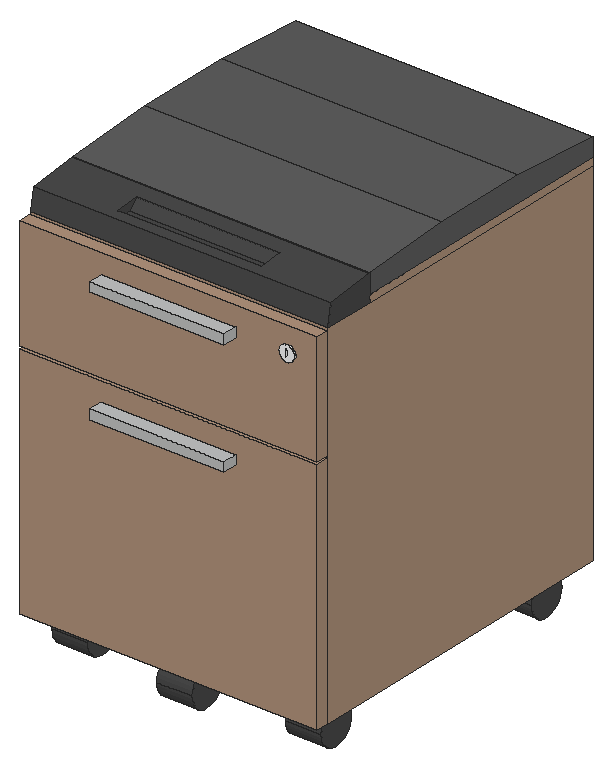
Revit family "Storage-Freestanding-Teknion-RBTPS_Mobile_Pedestal_with_Seat-R2019", category Furniture, Revit 2019
Family settings
  OmniClass Number = 23.40.20.00
  OmniClass Title = General Furniture and Specialties
  Work Plane-Based = No
  Always vertical = Yes
  Cut with Voids When Loaded = No
  Shared = Yes
  Room Calculation Point = No
Parameters (values of type "18" Depth, Box, File")
  Warranty = "http://www.teknion.com/ca/papers/legal-canada"
  Unit Weight URL = "http://www.teknion.com/ca/tools/assets#&asset=bee6a381-b954-425e-8283-5a2de3a804f2,f828d448-4b62-4231-9e5f-9a8991c0ed77"
  URL = "www.teknion.com"
  To render please download texture images found here [instance] = "https://assets.teknion.com/web/5e81352c1dfdb467/revit-material-swatches/"
  Sustainability Data = "http://www.teknion.com/ca/tools/assets#&topic=216f99a5-57a0-44fc-b10a-9dee9b29ae4c&asset=444deb64-fe58-4b68-981e-f75e97781df7"
  Series = "Expansion Desking"  # constant formula
  Seat Upholstery Finish [instance] = Fabric - Teknion - E523 - Fundamentals - Black
  Pull Finish [instance] = Paint - Teknion - Mica - Platinum
  Product Page URL = "https://www.teknion.com/ca/products/product-details?productLineId=2b4e336e-8e7a-673b-a6c8-ff00004460c4"
  Product Line = "Expansion Desking"  # constant formula
  Product Documentation Link = "https://www.teknion.com/pricing/expansion-desking/pdfs/RBTPS_ppg.pdf"
  Part Number = "RBTPS"  # constant formula
  Model = "RBTPS180612"
  Manufacturer Phone = "416-661-3370"  # constant formula
  Manufacturer Fax = "416.661.4586"  # constant formula
  Manufacturer Contact Information = "http://www.teknion.com/ca/contactus"
  Manufacturer Address = "1150 Flint Road, Toronto, ON. M3J 2J5. Canada"  # constant formula
  Manufacturer = "Teknion"  # constant formula
  How To Use Teknion Materials User Guide [instance] = "https://assets.teknion.com/m/205dd0a49fa58060/original/How-to-add-a-Material-Library-and-Texture-Images-to-your-Revit-project.pdf"
  For Additional Finishes please visit [instance] = "https://assets.teknion.com/m/44a8009b046e5d47/original/Teknion_Materials_Library.zip"
  Drawer Front Finish [instance] = Source Laminate - Teknion - 3M - Provincial Oak
  Description = "Mobile Pedestal with Seat, 18\" Depth, Box, File Drawer Configuration"
  Case Finish [instance] = Source Laminate - Teknion - 3M - Provincial Oak
  Assembly Code = "E2020200"
Reference planes (in)
  plane 1 "Center Front/Back": y = -1.55592
  plane 2: z = 0
  plane 3 "Center Left/Right": x = 0
  plane 4 "Left": x = -7.75
  plane 5 "Right": x = 7.75
  plane 6 "Back": y = 7.09369
  plane 7 "Front": y = -10.20552
  plane 8 "Top": z = 20.35039
  plane 9: z = 1.9685
  plane 10: y = -10.90631
  plane 11: x = 3.5
  plane 12: x = -3.5
  plane 13: z = 1.27201
  plane 14: x = -5.17126
  plane 15: x = -7.02165
  plane 16: x = 7.02165
  plane 17: x = 5.17126
  plane 18: x = -0.9252
  plane 19: x = 0.9252
  plane 20: x = -7.04921
  plane 21: x = 7.04921
  plane 22: y = 6.3929
  plane 23: z = 2.98425
  plane 24: x = -3.75
  plane 25: x = 3.75
  plane 26: z = 19.34055
  plane 27: z = 18.84055
  plane 28: z = 13.37598
  plane 29: z = 12.87598
  plane 30: z = 20.4685
Forms (in)
  Extrusion 1, solid, material "Source Laminate - Teknion - 3M - Provincial Oak" <- "Case Finish"
    sketch origin (0.04921, 2.79921, 0) x (1, 0, 0) y (0, 1, 0)
      loop
        line (-7.79921, 4.29448) -> (-7.79921, -13.00474) -> (7.70079, -13.00474) -> (7.70079, 4.29448) -> (-7.79921, 4.29448)
    from 1.9685 to 20.4685
  Extrusion 2, solid, material "Fabric - Teknion - E523 - Fundamentals - Black" <- "Seat Upholstery Finish"
    sketch origin (0, 0, 0) x (0, 1, 0) y (0, 0, 1)
      loop
        line (7.09369, 20.8435) -> (7.09369, 21.82895) -> (2.23271, 22.16886) -> (-2.77197, 22.16886) -> (-7.48111, 21.83957) -> (-7.48111, 20.8435) -> (7.09369, 20.8435)
    from -7.75 to 7.75
  Extrusion 3, solid, material "Source Laminate - Teknion - 3M - Provincial Oak" <- "Case Finish"
    sketch origin (0, 0, 0) x (0, 1, 0) y (0, 0, 1)
      loop
        line (7.09369, 20.4685) -> (7.09369, 20.8435) -> (-7.48111, 20.8435) -> (-7.48111, 20.4685) -> (7.09369, 20.4685)
    from -7.75 to 7.75
  Extrusion 4, solid, material "Plastic - Teknion - E - Ebony"
    sketch origin (0, 0, 0) x (0, 1, 0) y (0, 0, 1)
      loop
        line (-7.48111, 21.83957) -> (-10.0137, 21.55641) -> (-10.20552, 20.4685) -> (-7.48111, 20.4685) -> (-7.48111, 21.83957)
    from -7.75 to 7.75
  Extrusion 5, solid, material "Source Laminate - Teknion - 3M - Provincial Oak" <- "Drawer Front Finish"
    sketch origin (-7.75, -10.90631, 48) x (-1, 0, 0) y (0, 0, 1)
      loop
        line (0, -27.64961) -> (-15.5, -27.64961) -> (-15.5, -33.49606) -> (0, -33.49606) -> (0, -27.64961)
    from 0 to 0.70079
  Extrusion 6, solid, material "Source Laminate - Teknion - 3M - Provincial Oak" <- "Drawer Front Finish"
    sketch origin (-7.75, -10.90631, 48) x (-1, 0, 0) y (0, 0, 1)
      loop
        line (0, -33.61417) -> (-15.5, -33.61417) -> (-15.5, -46.0315) -> (0, -46.0315) -> (0, -33.61417)
    from 0 to 0.70079
  Extrusion 7, solid, material "Paint - Teknion - Mica - Platinum" <- "Pull Finish"
    sketch origin (0, 0, -1.00984) x (0, 1, 0) y (0, 0, 1)
      loop
        line (-11.65828, 20.35039) -> (-11.65828, 19.85039) -> (-10.90631, 19.85039) -> (-10.90631, 20.35039) -> (-11.65828, 20.35039)
    from -3.5 to 3.5
  Extrusion 8, solid, material "Paint - Teknion - Mica - Platinum" <- "Pull Finish"
    sketch origin (0, 0, -6.97441) x (0, 1, 0) y (0, 0, 1)
      loop
        line (-11.65828, 20.35039) -> (-11.65828, 19.85039) -> (-10.90631, 19.85039) -> (-10.90631, 20.35039) -> (-11.65828, 20.35039)
    from -3.5 to 3.5
  Extrusion 9, solid, material "Plastic - Teknion - E - Ebony"
    sketch origin (7.75, -180, 1.9685) x (0, -1, 0) y (-1, 0, 0)
      loop
        circle (-185.77867, 13.84638) r 0.39367
    from 0 to 0.6965
  Extrusion 10, solid, material "Plastic - Teknion - E - Ebony"
    sketch origin (-7.75, -180, 1.9685) x (0, 1, 0) y (1, 0, 0)
      loop
        circle (185.77867, 13.84638) r 0.39367
    from 0 to 0.6965
  Extrusion 11, solid, material "Plastic - Teknion - E - Ebony"
    sketch origin (7.75, 177.82537, 1.9685) x (0, -1, 0) y (-1, 0, 0)
      loop
        circle (185.77867, 13.84638) r 0.39367
    from 0 to 0.6965
  Extrusion 12, solid, material "Plastic - Teknion - E - Ebony"
    sketch origin (-7.75, 177.82537, 1.9685) x (0, 1, 0) y (1, 0, 0)
      loop
        circle (-185.77867, 13.84638) r 0.39367
    from 0 to 0.6965
  Extrusion 13, solid, material "Plastic - Teknion - E - Ebony"
    sketch origin (-7.02165, -7.55986, 48) x (0, 1, 0) y (0, 0, 1)
      loop
        circle (12.55149, -47.01673) r 0.98344
    from 0 to 1.85039
  Extrusion 14, solid, material "Plastic - Teknion - E - Ebony"
    sketch origin (-7.02165, 3.80281, 48) x (0, -1, 0) y (0, 0, -1)
      loop
        circle (12.53975, 47.01656) r 0.98344
    from 0 to 1.85039
  Extrusion 15, solid, material "Plastic - Teknion - E - Ebony"
    sketch origin (7.02165, -7.55986, 48) x (0, 1, 0) y (0, 0, -1)
      loop
        circle (12.55149, 47.01673) r 0.98344
    from 0 to 1.85039
  Extrusion 16, solid, material "Plastic - Teknion - E - Ebony"
    sketch origin (7.02165, 3.80281, 48) x (0, -1, 0) y (0, 0, 1)
      loop
        circle (12.53975, -47.01673) r 0.98344
    from 0 to 1.85039
  Extrusion 17, solid, material "Plastic - Teknion - E - Ebony"
    sketch origin (13.84638, 177.03767, 1.9685) x (0, -1, 0) y (-1, 0, 0)
      loop
        circle (185.77867, 13.84638) r 0.39367
    from 0 to 0.6965
  Extrusion 18, solid, material "Plastic - Teknion - E - Ebony"
    sketch origin (-7.02165, 3.02361, 48) x (0, -1, 0) y (0, 0, -1)
      loop
        circle (12.55165, 47.01673) r 0.98344
    from 6.09646 to 7.94685
  Extrusion 19, void
    sketch origin (-7.75, -10.90631, 48) x (1, 0, 0) y (0, 0, 1)
      loop
        line (0.70079, -45.01575) -> (14.79921, -45.01575) -> (14.79921, -33.49606) -> (0.70079, -33.49606) -> (0.70079, -45.01575)
    from -17.29921 to -0.70079
  Extrusion 20, solid, material "Mica - Teknion - V - Satin - Very White"
    sketch origin (-7.75, -10.90631, 48) x (-1, 0, 0) y (0, 0, 1)
      loop
        line (-14.03346, -28.72244) -> (-14.03346, -29.09646) -> (-13.93504, -29.09646) -> (-13.93504, -28.72244) -> (-14.03346, -28.72244)
      loop
        circle (-13.98425, -28.90945) r 0.4
    from 0 to -0.05906
  Extrusion 21, void
    sketch origin (-7.02165, -7.55986, 48) x (0, -1, 0) y (0, 0, 1)
      loop
        line (0.74433, -26.25246) -> (1.15513, -26.74202) -> (1.92284, -26.74202) -> (1.95384, -26.38769) -> (0.74433, -26.25246)
    from -10.77165 to -3.27165
Cuts and joins
  Extrusion 19 cuts Extrusion 1
  Extrusion 21 cuts Extrusion 4
Lines and regions (in)
  Masking region 1
    outline origin (7.75, -180, 1.9685) x (0, -1, 0) y (1, 0, 0)
      loop
        line (-187.09369, -15.5) -> (-169.09369, -15.5) -> (-169.09369, 0) -> (-187.09369, 0) -> (-187.09369, -15.5)
  Masking region 2
    outline origin (7.75, -180, 1.9685) x (0, -1, 0) y (1, 0, 0)
      loop
        line (-168.34172, -11.25) -> (-168.34172, -4.25) -> (-169.09369, -4.25) -> (-169.09369, -11.25) -> (-168.34172, -11.25)
  Masking region 3
    outline origin (7.75, -180, 1.9685) x (0, -1, 0) y (1, 0, 0)
      loop
        line (-169.09369, -1.91575) -> (-169.03463, -1.91575) -> (-169.03463, -1.11575) -> (-169.09369, -1.11575) -> (-169.09369, -1.91575)
  symbolic lines
    curve 1: line (7.75, -10.20552, 1.9685) -> (-7.75, -10.20552, 1.9685)
    curve 35: line (-7.75, -7.48111, 1.9685) -> (7.75, -7.48111, 1.9685)
  symbolic lines, style "FurnitureHiddenLines", detail levels medium+fine
    curve 2: line (-7.04921, -10.20552, 1.9685) -> (-7.04921, 6.3929, 1.9685)
    curve 3: line (-7.04921, 6.3929, 1.9685) -> (7.04921, 6.3929, 1.9685)
    curve 4: line (7.04921, 6.3929, 1.9685) -> (7.04921, -10.20552, 1.9685)
  symbolic lines, style "FurnitureHiddenLines", detail levels fine
    curve 5: line (-5.17126, -9.93987, 1.9685) -> (-5.17126, -7.55987, 1.9685)
    curve 6: line (-5.17126, -7.55987, 1.9685) -> (-7.02165, -7.55987, 1.9685)
    curve 7: line (-7.02165, -7.55987, 1.9685) -> (-7.02165, -9.93987, 1.9685)
    curve 8: line (-7.02165, -9.93987, 1.9685) -> (-5.17126, -9.93987, 1.9685)
    curve 9: line (5.17126, -7.55987, 1.9685) -> (5.17126, -9.93987, 1.9685)
    curve 10: line (5.17126, -9.93987, 1.9685) -> (7.02165, -9.93987, 1.9685)
    curve 11: line (7.02165, -9.93987, 1.9685) -> (7.02165, -7.55987, 1.9685)
    curve 12: line (7.02165, -7.55987, 1.9685) -> (5.17126, -7.55987, 1.9685)
    curve 13: line (0.9252, -10.51148, 1.9685) -> (0.9252, -8.5446, 1.9685)
    curve 14: line (0.9252, -8.5446, 1.9685) -> (-0.9252, -8.5446, 1.9685)
    curve 15: line (-0.9252, -8.5446, 1.9685) -> (-0.9252, -10.51148, 1.9685)
    curve 16: line (-0.9252, -10.51148, 1.9685) -> (0.9252, -10.51148, 1.9685)
    curve 17: line (-5.17126, 3.80283, 1.9685) -> (-5.17126, 6.18283, 1.9685)
    curve 18: line (-5.17126, 6.18283, 1.9685) -> (-7.02165, 6.18283, 1.9685)
    curve 19: line (-7.02165, 6.18283, 1.9685) -> (-7.02165, 3.80283, 1.9685)
    curve 20: line (-7.02165, 3.80283, 1.9685) -> (-5.17126, 3.80283, 1.9685)
    curve 21: line (5.17126, 6.18283, 1.9685) -> (5.17126, 3.80283, 1.9685)
    curve 22: line (5.17126, 3.80283, 1.9685) -> (7.02165, 3.80283, 1.9685)
    curve 23: line (7.02165, 3.80283, 1.9685) -> (7.02165, 6.18283, 1.9685)
    curve 24: line (7.02165, 6.18283, 1.9685) -> (5.17126, 6.18283, 1.9685)
    curve 25: arc (-6.09638, -8.34697, 1.9685) -> (-5.70271, -7.9533, 1.9685) -> (-6.09638, -7.55963, 1.9685) r 0.39367
    curve 26: arc (-6.09638, -7.55963, 1.9685) -> (-6.49004, -7.9533, 1.9685) -> (-6.09638, -8.34697, 1.9685) r 0.39367
    curve 27: arc (0, -8.34732, 1.9685) -> (-0.39367, -8.74099, 1.9685) -> (0, -9.13466, 1.9685) r 0.39367
    curve 28: arc (0, -9.13466, 1.9685) -> (0.39367, -8.74099, 1.9685) -> (0, -8.34732, 1.9685) r 0.39367
    curve 29: arc (6.09638, -7.55963, 1.9685) -> (5.70271, -7.9533, 1.9685) -> (6.09638, -8.34697, 1.9685) r 0.39367
    curve 30: arc (6.09638, -8.34697, 1.9685) -> (6.49004, -7.9533, 1.9685) -> (6.09638, -7.55963, 1.9685) r 0.39367
    curve 31: arc (6.09638, 6.17234, 1.9685) -> (5.70271, 5.77867, 1.9685) -> (6.09638, 5.385, 1.9685) r 0.39367
    curve 32: arc (6.09638, 5.385, 1.9685) -> (6.49004, 5.77867, 1.9685) -> (6.09638, 6.17234, 1.9685) r 0.39367
    curve 33: arc (-6.09638, 6.17234, 1.9685) -> (-6.49004, 5.77867, 1.9685) -> (-6.09638, 5.385, 1.9685) r 0.39367
    curve 34: arc (-6.09638, 5.385, 1.9685) -> (-5.70271, 5.77867, 1.9685) -> (-6.09638, 6.17234, 1.9685) r 0.39367
Dimensions and locks (in)
  locked: plane 4 "Left" to plane 5 "Right" at 15.5
  locked: plane 6 "Back" to plane 7 "Front" at 17.29921
  locked: plane 8 "Top" to level at 20.35039
  equal spacing: plane 7 "Front", plane 1 "Center Front/Back", plane 6 "Back"
  equal spacing: plane 4 "Left", plane 3 "Center Left/Right", plane 5 "Right"
  locked: plane 9 to plane 2 at 1.9685
  locked: Extrusion 2 sketch curve to plane 7 "Front" at 2.72441
  locked: Extrusion 2 sketch curve to plane 8 "Top" at 0.49311
  locked: Extrusion 2 sketch curve to plane 8 "Top" at 1.81847
  Extrusion 2 sketch curve to Extrusion 2 sketch curve to plane 7 "Front" = 4.70915" locked, 2.72441" locked
  locked: plane 6 "Back" to Extrusion 2 sketch curve at 4.86098
  locked: Extrusion 3 sketch curve to plane 7 "Front" at 2.72441
  Extrusion 3 sketch curve to Extrusion 3 sketch curve to plane 8 "Top" = 0.375" locked, 0.11811" locked
  locked: plane 7 "Front" to plane 10 at 0.70079
  locked: plane 8 "Top" to Extrusion 5 sketch curve at 5.84646
  locked: Extrusion 6 sketch curve to plane 9 at 12.41732
  plane 8 "Top" to Extrusion 7 sketch curve to Extrusion 7 sketch curve = 1.00984", 0.500" locked
  locked: plane 10 to Extrusion 7 sketch curve at 0.75197
  plane 12 to plane 3 "Center Left/Right" to plane 11 = 3.500" locked, 3.500" locked
  plane 8 "Top" to Extrusion 8 sketch curve to Extrusion 8 sketch curve = 6.97441", 0.500" locked
  locked: plane 10 to Extrusion 8 sketch curve at 0.75197
  locked: plane 13 to plane 2 at 1.27201
  locked: plane 6 "Back" to Extrusion 9 sketch curve at 1.31502
  locked: plane 4 "Left" to Extrusion 9 sketch curve at 1.65362
  locked: Extrusion 10 sketch curve to plane 5 "Right" at 1.65362
  locked: plane 6 "Back" to Extrusion 10 sketch curve at 1.31502
  locked: plane 4 "Left" to Extrusion 11 sketch curve at 1.65362
  locked: plane 7 "Front" to Extrusion 11 sketch curve at 2.25222
  locked: Extrusion 12 sketch curve to plane 5 "Right" at 1.65362
  locked: plane 7 "Front" to Extrusion 12 sketch curve at 2.25222
  plane 17 to plane 16 to plane 5 "Right" = 1.85039" locked, 0.72835" locked
  plane 4 "Left" to plane 15 to plane 14 = 0.72835" locked, 1.85039" locked
  locked: plane 7 "Front" to Extrusion 17 sketch curve at 1.46453
  locked: plane 3 "Center Left/Right" to Extrusion 17 sketch curve at 0
  locked: Extrusion 18 sketch curve to plane 7 "Front" at 0.67748
  locked: Extrusion 18 sketch curve to plane 2 at 0.98327
  plane 18 to plane 3 "Center Left/Right" to plane 19 = 0.9252" locked, 0.9252" locked
  locked: plane 4 "Left" to plane 20 at 0.70079
  locked: plane 21 to plane 5 "Right" at 0.70079
  locked: plane 6 "Back" to plane 22 at 0.70079
  locked: plane 23 to plane 9 at 1.01575
  locked: Extrusion 19 sketch curve to plane 2 at 14.50394
  Extrusion 20 sketch curve to Extrusion 20 sketch curve to Extrusion 20 sketch curve to plane 5 "Right" = 0.04921" locked, 0.04921" locked, 1.46654" locked
  plane 8 "Top" to Extrusion 20 sketch curve to Extrusion 20 sketch curve to Extrusion 20 sketch curve = 1.07283" locked, 0.18701" locked, 0.18701" locked
  locked: plane 10 to Extrusion 20 at 0.05906
  Extrusion 21 sketch curve to Extrusion 21 sketch curve to Extrusion 21 sketch curve to Extrusion 21 sketch curve to plane 7 "Front" = 0.41079" locked, 0.76772" locked, 0.031" locked, 0.69183" locked
  Extrusion 21 sketch curve to Extrusion 21 sketch curve to Extrusion 21 sketch curve to plane 8 "Top" = 0.13523" locked, 0.35433" locked, 0.90759" locked
  plane 24 to plane 3 "Center Left/Right" to plane 25 = 3.750" locked, 3.750" locked
  locked: plane 10 to Masking region 3 sketch curve at 0.05906
  Masking region 3 sketch curve to Masking region 3 sketch curve to plane 5 "Right" = 0.800" locked, 1.11575" locked
  plane 26 to plane 27 to plane 28 to plane 29 to level = 0.500" locked, 5.46457" locked, 0.500" locked, 12.87598" locked
  locked: Extrusion 14 sketch curve to level at 0.98344
  locked: Extrusion 14 sketch curve to plane 10 at 2.16937
  locked: Extrusion 16 sketch curve to plane 10 at 2.16937
  locked: Extrusion 16 sketch curve to level at 0.98327
  locked: plane 6 "Back" to Extrusion 13 sketch curve at 2.10205
  locked: Extrusion 13 sketch curve to level at 0.98327
  locked: Extrusion 15 sketch curve to level at 0.98327
  locked: plane 6 "Back" to Extrusion 15 sketch curve at 2.10205
  Extrusion 4 sketch curve to Extrusion 4 sketch curve to Extrusion 4 sketch curve to plane 10 = 2.53258" locked, 0.19183" locked, 0.70079" locked
  Extrusion 4 sketch curve to Extrusion 4 sketch curve to Extrusion 4 sketch curve to plane 8 "Top" = 0.28316" locked, 1.0879" locked, 0.11811" locked
  locked: plane 30 to plane 8 "Top" at 0.11811
  locked: plane 7 "Front" to Extrusion 4 sketch curve (angle 10.00°)
  aligned and locked: level to plane 2
  aligned and locked: Extrusion 1 sketch curve to plane 4 "Left"
  aligned and locked: Extrusion 1 sketch curve to plane 6 "Back"
  aligned and locked: Extrusion 1 sketch curve to plane 5 "Right"
  aligned and locked: plane 9 to Extrusion 1
  aligned and locked: plane 7 "Front" to Extrusion 1
  aligned and locked: Extrusion 2 sketch curve to plane 6 "Back"
  aligned and locked: Extrusion 2 to plane 4 "Left"
  aligned and locked: Extrusion 2 to plane 5 "Right"
  aligned and locked: plane 6 "Back" to Extrusion 3 sketch curve
  aligned and locked: Extrusion 3 to plane 4 "Left"
  aligned and locked: Extrusion 3 to plane 5 "Right"
  aligned and locked: Extrusion 4 to plane 4 "Left"
  aligned and locked: Extrusion 4 to plane 5 "Right"
  aligned and locked: Extrusion 5 sketch curve to plane 8 "Top"
  aligned and locked: plane 4 "Left" to Extrusion 5 sketch curve
  aligned and locked: Extrusion 5 sketch curve to plane 5 "Right"
  aligned and locked: plane 4 "Left" to Extrusion 6 sketch curve
  aligned and locked: Extrusion 6 sketch curve to plane 5 "Right"
  aligned and locked: Extrusion 6 sketch curve to plane 9
  aligned and locked: Extrusion 5 to plane 7 "Front"
  aligned and locked: Extrusion 6 to plane 7 "Front"
  aligned and locked: Extrusion 5 to plane 10
  aligned and locked: Extrusion 6 to plane 10
  aligned and locked: plane 10 to Extrusion 7 sketch curve
  aligned and locked: plane 12 to Extrusion 7
  aligned and locked: plane 11 to Extrusion 7
  aligned and locked: plane 10 to Extrusion 8 sketch curve
  aligned and locked: Extrusion 9 to plane 9
  aligned and locked: Extrusion 9 to plane 13
  aligned and locked: Extrusion 10 to plane 13
  aligned and locked: Extrusion 11 to plane 13
  aligned and locked: Extrusion 12 to plane 13
  aligned and locked: plane 13 to Extrusion 9
  aligned and locked: Extrusion 11 to plane 9
  aligned and locked: Extrusion 10 to plane 9
  aligned and locked: Extrusion 14 to plane 15
  aligned and locked: plane 14 to Extrusion 14
  aligned and locked: Extrusion 13 to plane 15
  aligned and locked: plane 14 to Extrusion 13
  aligned and locked: Extrusion 15 to plane 17
  aligned and locked: plane 16 to Extrusion 15
  aligned and locked: Extrusion 16 to plane 17
  aligned and locked: Extrusion 15 to plane 16
  aligned and locked: plane 16 to Extrusion 16
  aligned and locked: Extrusion 17 to plane 13
  aligned and locked: Extrusion 17 to plane 9
  aligned and locked: plane 19 to Extrusion 18
  aligned and locked: Extrusion 18 to plane 18
  aligned and locked: Extrusion 19 sketch curve to plane 23
  aligned and locked: Extrusion 19 sketch curve to plane 20
  aligned and locked: Extrusion 19 sketch curve to plane 21
  aligned and locked: plane 22 to Extrusion 19
  aligned and locked: plane 7 "Front" to Extrusion 19
  aligned and locked: Extrusion 20 to plane 10
  aligned and locked: Masking region 1 sketch curve to plane 4 "Left"
  aligned and locked: Masking region 1 sketch curve to plane 6 "Back"
  aligned and locked: Masking region 1 sketch curve to plane 5 "Right"
  aligned and locked: Masking region 1 sketch curve to plane 10
  aligned and locked: curve 2 to cut or joined group of Extrusion 1, Extrusion 19
  aligned and locked: curve 3 to cut or joined group of Extrusion 1, Extrusion 19
  aligned and locked: curve 4 to cut or joined group of Extrusion 1, Extrusion 19
  aligned and locked: curve 5 to Extrusion 14
  aligned and locked: curve 11 to Extrusion 16
  aligned and locked: curve 13 to Extrusion 18
  aligned and locked: curve 14 to Extrusion 18
  aligned and locked: curve 16 to Extrusion 18
  aligned and locked: curve 19 to Extrusion 13
  aligned and locked: curve 21 to Extrusion 15
  aligned and locked: curve 23 to Extrusion 15
  aligned and locked: curve 17 to Extrusion 13
  aligned and locked: curve 7 to Extrusion 14
  aligned and locked: curve 9 to Extrusion 16
  aligned and locked: curve 25 to Extrusion 11
  aligned and locked: curve 26 to Extrusion 11
  aligned and locked: curve 27 to Extrusion 17
  aligned and locked: curve 28 to Extrusion 17
  aligned and locked: curve 29 to Extrusion 12
  aligned and locked: curve 30 to Extrusion 12
  aligned and locked: curve 31 to Extrusion 10
  aligned and locked: curve 32 to Extrusion 10
  aligned and locked: curve 33 to Extrusion 9
  aligned and locked: curve 34 to Extrusion 9
  aligned and locked: curve 15 to Extrusion 18
  aligned and locked: cut or joined group of Extrusion 4, Extrusion 21 to plane 24
  aligned and locked: cut or joined group of Extrusion 4, Extrusion 21 to plane 25
  aligned and locked: plane 10 to Masking region 3 sketch curve
  aligned and locked: Extrusion 12 to plane 9
  aligned and locked: plane 11 to Extrusion 8
  aligned and locked: plane 11 to Masking region 2
  aligned and locked: plane 12 to Extrusion 8
  aligned and locked: plane 12 to Masking region 2
  aligned and locked: Extrusion 7 to plane 26
  aligned and locked: plane 27 to Extrusion 7
  aligned and locked: Extrusion 8 to plane 28
  aligned and locked: plane 29 to Extrusion 8
  aligned and locked: cut or joined group of Extrusion 1, Extrusion 19 to plane 30
Automatic sketch dimensions
  plane 7 "Front" to Extrusion 1 sketch curve = 0.000"
  Extrusion 2 sketch curve to Extrusion 2 sketch curve = 0.98545"
  Extrusion 2 sketch curve to Extrusion 2 sketch curve = 0.99606"
  curve 1 to plane 4 "Left" = 0.000"
  curve 35 to plane 4 "Left" = 0.000"
  curve 1 to plane 5 "Right" = 0.000"
  curve 35 to plane 5 "Right" = 0.000"
  Masking region 2 sketch curve to plane 10 = 0.000"
  Masking region 2 sketch curve to plane 11 = 0.000"
  Masking region 2 sketch curve to plane 12 = 0.000"
  Masking region 2 sketch curve to plane 10 = 0.75197"
  curve 26 to curve 5 = 0.00024"
  curve 8 to plane 7 "Front" = 0.26565"
  curve 35 to curve 11 = 0.07876"
  curve 11 to plane 7 "Front" = 0.26565"
  curve 18 to plane 22 = 0.21007"
  curve 33 to curve 20 = 1.58217"
  curve 21 to plane 22 = 0.21007"
  curve 31 to curve 22 = 1.58217"
  plane 7 "Front" to curve 2 = 0.000"
  curve 29 to curve 11 = 0.00024"
  radius of Extrusion 9 sketch curve = 0.39367"
  radius of Extrusion 10 sketch curve = 0.39367"
  radius of Extrusion 11 sketch curve = 0.39367"
  radius of Extrusion 12 sketch curve = 0.39367"
  radius of Extrusion 17 sketch curve = 0.39367"
  radius of Extrusion 20 sketch curve = 0.400"
  radius of Extrusion 18 sketch curve = 0.98344"
  radius of Extrusion 14 sketch curve = 0.98344"
  radius of Extrusion 16 sketch curve = 0.98344"
  radius of Extrusion 13 sketch curve = 0.98344"
  radius of Extrusion 15 sketch curve = 0.98344"
